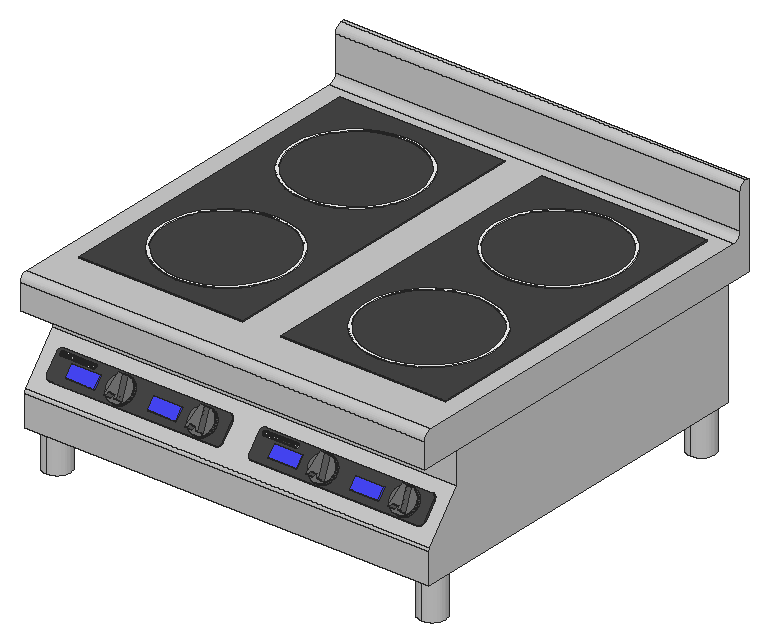
Revit family "QF_ADVENTYS_MO4I_16000_250902092710", category Specialty Equipment, Revit 2021
Family settings
  Round Connector Dimension = Use Diameter
  Part Type = Normal
  OmniClass Number = 23.40.40.14
  OmniClass Title = Food Service Equipment
  Work Plane-Based = No
  Always vertical = Yes
  Cut with Voids When Loaded = No
  Shared = No
  Room Calculation Point = No
Parameters (values of type "ADV1658")
  Weight in Pounds [instance] = 0
  Weight = 95.00 kg
  Warranty Start Date [instance] = ""
  Warranty Duration [instance] = ""
  Volts [instance] = 400 V
  URL Recommended Spares List = ""
  URL Manufacturer = ""
  URL Cutsheet = ""
  URL Critical Spares List = ""
  URL = "www.adventys.com"
  Tag Number [instance] = ""
  Status [instance] = ""
  Specification by User [instance] = ""
  Specification by Manufacturer [instance] = ""
  Sound Level [instance] = ""
  Solid Fuel Type [instance] = ""
  Service Life Duration [instance] = ""
  Serial Number [instance] = ""
  Seismic Rating [instance] = ""
  SMACNA No [instance] = ""
  Revision Code [instance] = ""
  Revision [instance] = ""
  Production Year [instance] = ""
  Point Load [instance] = 0
  Phase [instance] = 3
  Other Equipment Approvals [instance] = ""
  Number of Poles [instance] = 3
  NAFEM Spec ID Number [instance] = ""
  Model Warning [instance] = ""
  Model = "MO4I 16000"
  Min Ckt Ampacity [instance] = 0 A
  Max Overcurrent Protection [instance] = 25 A
  Masterspec [instance] = ""
  Manufacturer = "ADVENTYS"
  Length Actual = 800 mm
  Item Number [instance] = ""
  Installed By [instance] = ""
  Installation Date [instance] = ""
  Identify Quantity as Lot [instance] = no
  ID [instance] = ""
  Hygiene Approval [instance] = ""
  Hot Water Consumption = 0.0 L/s
  Height Actual = 455 mm
  HP power [instance] = ""
  Furnished By [instance] = ""
  Foodservice Equipment Identifier [instance] = no
  FL Amps [instance] = 24 A
  Electrical Remarks [instance] = ""
  Electric power [instance] = 0 W
  Electric Connection Type [instance] = ""
  Elec Conn RI Height [instance] = 0 mm
  Elec Conn Connection Height [instance] = 0 mm
  ETL Approved [instance] = no
  Description = "INDUCTION MODULE 4 ZONES THREE-PHASE"
  Depth Actual = 800 mm
  Default Elevation = 0 mm
  Cycle [instance] = 50 Hz
  Cost = 0
  Conn Plug [instance] = ""
  Conn Conduit [instance] = no
  CSI MasterFormat [instance] = ""
  CE Approved [instance] = no
  Barcode [instance] = 0
  Author [instance] = ""
  Asset Identifier [instance] = ""
  Apparent Power [instance] = 16000 VA
  Accessory = no
Reference planes
  plane 1 "Center (Front/Back)": y = 0
  plane 2: z = 0
  plane 3 "Center (Left/Right)": x = 0
Forms (mm)
  Extrusion 1, solid, not visible
    sketch origin (111.005, -39.002, 227.011) x (1, 0, 0) y (0, 1, 0)
      loop
        line (-2, 2) -> (-2, -2) -> (2, -2) -> (2, 2) -> (-2, 2)
    from -2 to 2
Dimensions and locks
  locked: Extrusion 1 to nested 2
  locked: nested 2 to Extrusion 1 at 2
  aligned and locked: level to plane 2
Nested families
  nested 1: "QF_ADVENTYS_ADV1658_2916" at (0, 0, 0), type "ADV1658"
    with Status "", Show Logo yes
  nested 2: "CONN_POINT_ELE_2D___Generic_Annotation" at (111.005, -37.002, 227.011), type "CONN_POINT_ELE_2D___Generic_Annotation"
    with Onboard connection annotation symbol visibility yes
Connectors
  electrical at (111.005, -37.002, 227.011), driven by "Apparent Power", driven by "Number of Poles", driven by "Volts"
    settings: on Extrusion 1, index 1, voltage 400 V, apparent load 0 VA, apparent load phase1 16000 VA, apparent load phase2 0 VA, apparent load phase3 0 VA, power factor 1, load classification "Other", number of poles 3, system type 31, power factor state 1, is connector primary yes, connector utility no, sub classification motor no, connector description "Electrical connection for MO4I 16000"
Definition of nested family "QF_ADVENTYS_ADV1658_2916"
  Parameters (values of type "ADV1658")
    URL = "www.adventys.com"
    Status [instance] = ""
    Show Logo [instance] = yes
    Model = "MO4I 16000"
    Manufacturer = "ADVENTYS"
    Description = "INDUCTION MODULE 4 ZONES THREE-PHASE"
    Default Elevation = 0 mm
    Author = "SPECIFI"
    Assembly Code = "E1090320"
  Reference planes
    plane 1 "Back": y = 0
    plane 2: z = 0
    plane 3 "Left": x = 0
    plane 4 "Right": x = 800
    plane 5 "Front": y = -800
    plane 6 "Top": z = 455
  Forms (mm)
    Extrusion 1, solid
      sketch origin (0, 0, 0) x (0, 1, 0) y (0, 0, 1)
        loop
          line (-790, 80) -> (-50, 80) -> (-50, 290.8) -> (-720, 290.8) -> (-720, 227.161) -> (-787.017, 147.294)
          arc (-787.017, 147.294) -> (-789.078, 143.88) -> (-790, 140) r 12.92
          line (-790, 140) -> (-790, 80)
      from 0 to 800
    Extrusion 2, solid
      sketch origin (0, 0, 0) x (0, 1, 0) y (0, 0, 1)
        loop
          line (0, 290.8) -> (0, 455) -> (-5, 455)
          arc (-5, 455) -> (-15.607, 450.607) -> (-20, 440) r 15
          line (-20, 440) -> (-20, 370.8)
          arc (-20, 370.8) -> (-24.393, 360.193) -> (-35, 355.8) r 15
          line (-35, 355.8) -> (-785, 355.8)
          arc (-785, 355.8) -> (-795.607, 351.407) -> (-800, 340.8) r 15
          line (-800, 340.8) -> (-800, 290.8) -> (0, 290.8)
      from 0 to 800
    Extrusion 3, solid
      sketch origin (37, -56.5, 0) x (1, 0, 0) y (0, 1, 0)
        loop
          line (0, 0) -> (0, -646) -> (326, -646) -> (326, 0) -> (0, 0)
      from 355.8 to 357.613
    Extrusion 4, solid
      sketch origin (0, 0, 0) x (1, 0, 0) y (0, 1, 0)
        loop
          circle (200, -220) r 125
        loop
          circle (200, -220) r 120
        loop
          circle (200, -540.027) r 125
        loop
          circle (200, -540.027) r 120
      from 357.613 to 358.673
    Revolve 5, solid
      sketch origin (29, 0, 0) x (0, 1, 0) y (0, 0, 1)
        loop
          line (-719, 0) -> (-719, 80) -> (-745, 80) -> (-745, 0) -> (-719, 0)
        axis (-745, 80) -> (-745, 0)
      angle from 0 to 360
    Revolve 6, solid
      sketch origin (29, 665, 0) x (0, 1, 0) y (0, 0, 1)
        loop
          line (-719, 0) -> (-719, 80) -> (-745, 80) -> (-745, 0) -> (-719, 0)
        axis (-745, 80) -> (-745, 0)
      angle from 0 to 360
    Revolve 7, solid
      sketch origin (771, 0, 0) x (0, 1, 0) y (0, 0, 1)
        loop
          line (-719, 0) -> (-719, 80) -> (-745, 80) -> (-745, 0) -> (-719, 0)
        axis (-745, 80) -> (-745, 0)
      angle from 0 to 360
    Revolve 8, solid
      sketch origin (771, 665, 0) x (0, 1, 0) y (0, 0, 1)
        loop
          line (-719, 0) -> (-719, 80) -> (-745, 80) -> (-745, 0) -> (-719, 0)
        axis (-745, 80) -> (-745, 0)
      angle from 0 to 360
    Extrusion 9, solid
      sketch origin (0, 0, 0) x (1, 0, 0) y (0, 0, 1)
        loop
          line (173, 264) -> (47, 264) -> (47, 170) -> (173, 170) -> (173, 264)
      from 47.858 to 50
    Extrusion 10, solid
      sketch origin (0, 0, 0) x (1, 0, 0) y (0, 0, 1)
        loop
          circle (110.78, 227.161) r 15
      from 36.426 to 47.858
    Extrusion 11, solid
      sketch origin (437, -56.5, 0) x (1, 0, 0) y (0, 1, 0)
        loop
          line (0, 0) -> (0, -646) -> (326, -646) -> (326, 0) -> (0, 0)
      from 355.8 to 357.613
    Extrusion 12, solid
      sketch origin (400, 0, 0) x (1, 0, 0) y (0, 1, 0)
        loop
          circle (200, -220) r 125
        loop
          circle (200, -220) r 120
        loop
          circle (200, -540.027) r 125
        loop
          circle (200, -540.027) r 120
      from 357.613 to 358.673
    Extrusion 13, solid
      sketch origin (525, -718.509, 228.939) x (0, -0.642788, -0.766044) y (1, 0, 0)
        loop
          arc (26.45, -488.6) -> (29.379, -495.671) -> (36.45, -498.6) r 10
          line (36.45, -498.6) -> (72.45, -498.6)
          arc (72.45, -498.6) -> (79.521, -495.671) -> (82.45, -488.6) r 10
          line (82.45, -488.6) -> (82.45, -161.4)
          arc (82.45, -161.4) -> (79.521, -154.329) -> (72.45, -151.4) r 10
          line (72.45, -151.4) -> (36.45, -151.4)
          arc (36.45, -151.4) -> (29.379, -154.329) -> (26.45, -161.4) r 10
          line (26.45, -161.4) -> (26.45, -488.6)
      from 0 to 1.881
    Extrusion 14, solid
      sketch origin (517.5, -718.509, 228.939) x (0, -0.642788, -0.766044) y (1, 0, 0)
        loop
          line (44.95, -293.6) -> (68.95, -293.6) -> (68.95, -237.6) -> (44.95, -237.6) -> (44.95, -293.6)
      from 1.881 to 3.679
    Extrusion 15, solid
      sketch origin (526.25, -718.509, 228.939) x (0, -0.642788, -0.766044) y (1, 0, 0)
        loop
          line (77.193, -371.481) -> (78.52, -367.858) -> (79.283, -363.991) -> (79.427, -360.015) -> (78.941, -356.081) -> (77.862, -352.331) -> (76.265, -348.888) -> (74.254, -345.841) -> (71.944, -343.24) -> (69.45, -341.1) -> (66.873, -339.405) -> (64.297, -338.121) -> (61.785, -337.2) -> (59.381, -336.591) -> (56.817, -336.212) -> (54.45, -336.1) -> (52.084, -336.212) -> (49.52, -336.591) -> (47.116, -337.2) -> (44.604, -338.121) -> (42.027, -339.405) -> (39.45, -341.1) -> (36.956, -343.24) -> (34.647, -345.841) -> (32.636, -348.888) -> (31.039, -352.331) -> (29.959, -356.081) -> (29.474, -360.015) -> (29.618, -363.991) -> (30.381, -367.858) -> (31.708, -371.481) -> (33.507, -374.752) -> (35.926, -377.889) -> (38.945, -380.711) -> (42.475, -383.045) -> (46.365, -384.756) -> (50.423, -385.773) -> (54.45, -386.1) -> (58.478, -385.773) -> (62.536, -384.756) -> (66.426, -383.045) -> (69.956, -380.711) -> (72.974, -377.889) -> (75.393, -374.752) -> (77.193, -371.481)
      from 1.881 to 10
    Extrusion 16, solid
      sketch origin (526.25, -718.509, 228.939) x (0, -0.642788, -0.766044) y (1, 0, 0)
        loop
          line (72.45, -353.1) -> (72.45, -348.1) -> (31.45, -357.1) -> (31.45, -365.1) -> (72.45, -374.1) -> (72.45, -369.1) -> (66.45, -367.1) -> (66.45, -355.1) -> (72.45, -353.1)
      from 10 to 25.009
    Extrusion 17, solid, visible <- "Show Logo"
      sketch origin (-49.765, -334.636, 414.341) x (1, 0, 0) y (0, 0.642788, 0.766044)
        loop
          arc (88.581, -421.313) -> (88.113, -421.507) -> (87.92, -421.974) r 0.661
          line (87.92, -421.974) -> (87.92, -423.61)
          arc (87.92, -423.61) -> (88.124, -424.087) -> (88.609, -424.27) r 0.661
          line (88.609, -424.27) -> (88.609, -423.032)
          arc (88.609, -423.032) -> (88.952, -422.351) -> (89.662, -422.077) r 1.058
          line (89.662, -422.077) -> (92.486, -422.077)
          arc (92.486, -422.077) -> (92.335, -421.544) -> (91.833, -421.313) r 0.661
          line (91.833, -421.313) -> (88.581, -421.313)
        loop
          arc (88.581, -420.916) -> (87.833, -421.226) -> (87.523, -421.974) r 1.058
          line (87.523, -421.974) -> (87.523, -423.61)
          arc (87.523, -423.61) -> (87.843, -424.368) -> (88.609, -424.667) r 1.058
          arc (88.609, -424.667) -> (88.88, -425.483) -> (89.667, -425.828) r 1.058
          arc (89.667, -425.828) -> (89.974, -426.583) -> (90.725, -426.896) r 1.058
          line (90.725, -426.896) -> (93.719, -426.896)
          arc (93.719, -426.896) -> (94.467, -426.586) -> (94.777, -425.838) r 1.058
          line (94.777, -425.838) -> (94.777, -424.306)
          arc (94.777, -424.306) -> (94.463, -423.554) -> (93.708, -423.248) r 1.058
          arc (93.708, -423.248) -> (93.515, -422.517) -> (92.883, -422.101) r 1.058
          arc (92.883, -422.101) -> (92.625, -421.273) -> (91.833, -420.916) r 1.058
          line (91.833, -420.916) -> (88.581, -420.916)
        loop
          arc (93.719, -426.499) -> (94.187, -426.306) -> (94.38, -425.838) r 0.661
          line (94.38, -425.838) -> (94.38, -424.306)
          arc (94.38, -424.306) -> (94.185, -423.837) -> (93.714, -423.645) r 0.661
          line (93.714, -423.645) -> (93.714, -424.77)
          arc (93.714, -424.77) -> (93.404, -425.518) -> (92.656, -425.828) r 1.058
          line (92.656, -425.828) -> (90.064, -425.828)
          arc (90.064, -425.828) -> (90.254, -426.302) -> (90.725, -426.499) r 0.661
          line (90.725, -426.499) -> (93.719, -426.499)
        loop
          arc (95.546, -425.156) -> (95.587, -425.684) -> (96.116, -425.67) r 0.384
          line (96.116, -425.67) -> (96.845, -424.94) -> (99.743, -424.94) -> (100.472, -425.67)
          arc (100.472, -425.67) -> (101.001, -425.684) -> (101.042, -425.156) r 0.384
          line (101.042, -425.156) -> (98.294, -421.762) -> (95.546, -425.156)
        loop
          line (98.294, -423.127) -> (97.364, -424.275) -> (99.224, -424.275) -> (98.294, -423.127)
        loop
          line (102.315, -421.827) -> (102.315, -425.732) -> (105.995, -425.732)
          arc (105.995, -425.732) -> (107.947, -423.78) -> (105.995, -421.827) r 1.953
          line (105.995, -421.827) -> (102.315, -421.827)
        loop
          line (105.995, -422.854) -> (103.343, -422.854) -> (103.343, -424.705) -> (105.995, -424.705)
          arc (105.995, -424.705) -> (106.92, -423.78) -> (105.995, -422.854) r 0.925
        loop
          arc (109.84, -422.053) -> (109.312, -422.039) -> (109.27, -422.566) r 0.384
          line (109.27, -422.566) -> (112.019, -425.961) -> (114.767, -422.566)
          arc (114.767, -422.566) -> (114.725, -422.039) -> (114.197, -422.053) r 0.384
          line (114.197, -422.053) -> (112.019, -424.743) -> (109.84, -422.053)
        loop
          line (121.269, -421.781) -> (116.07, -421.781) -> (116.07, -425.732) -> (121.269, -425.732)
          arc (121.269, -425.732) -> (121.671, -425.331) -> (121.269, -424.93) r 0.401
          line (121.269, -424.93) -> (116.972, -424.93) -> (116.972, -424.139) -> (121.269, -424.139)
          arc (121.269, -424.139) -> (121.633, -423.775) -> (121.269, -423.412) r 0.363
          line (121.269, -423.412) -> (116.972, -423.412) -> (116.972, -422.583) -> (121.269, -422.583)
          arc (121.269, -422.583) -> (121.671, -422.182) -> (121.269, -421.781) r 0.401
        loop
          line (122.879, -422.331) -> (122.879, -425.274)
          arc (122.879, -425.274) -> (123.306, -425.701) -> (123.733, -425.274) r 0.427
          line (123.733, -425.274) -> (123.733, -423.122) -> (127.538, -425.5)
          arc (127.538, -425.5) -> (128.155, -425.516) -> (128.468, -424.984) r 0.608
          line (128.468, -424.984) -> (128.468, -422.254)
          arc (128.468, -422.254) -> (128.018, -421.804) -> (127.568, -422.254) r 0.45
          line (127.568, -422.254) -> (127.568, -424.337) -> (123.663, -421.897)
          arc (123.663, -421.897) -> (123.143, -421.883) -> (122.879, -422.331) r 0.513
        loop
          arc (130.273, -421.857) -> (129.778, -422.352) -> (130.273, -422.846) r 0.494
          line (130.273, -422.846) -> (132.065, -422.846) -> (132.065, -425.082)
          arc (132.065, -425.082) -> (132.54, -425.558) -> (133.016, -425.082) r 0.475
          line (133.016, -425.082) -> (133.016, -422.846) -> (134.724, -422.846)
          arc (134.724, -422.846) -> (135.218, -422.352) -> (134.724, -421.857) r 0.494
          line (134.724, -421.857) -> (130.273, -421.857)
        loop
          line (139.461, -423.175) -> (137.5, -421.853)
          arc (137.5, -421.853) -> (136.836, -421.982) -> (136.965, -422.646) r 0.479
          line (136.965, -422.646) -> (138.926, -423.969) -> (138.926, -425.108)
          arc (138.926, -425.108) -> (139.461, -425.643) -> (139.997, -425.108) r 0.535
          line (139.997, -425.108) -> (139.997, -423.969) -> (141.958, -422.646)
          arc (141.958, -422.646) -> (142.087, -421.982) -> (141.423, -421.853) r 0.479
          line (141.423, -421.853) -> (139.461, -423.175)
        loop
          line (148.501, -421.857) -> (144.795, -421.857)
          arc (144.795, -421.857) -> (143.661, -422.991) -> (144.795, -424.125) r 1.134
          line (144.795, -424.125) -> (147.852, -424.125)
          arc (147.852, -424.125) -> (148.265, -424.538) -> (147.852, -424.951) r 0.413
          line (147.852, -424.951) -> (144.128, -424.951)
          arc (144.128, -424.951) -> (143.786, -425.292) -> (144.128, -425.634) r 0.342
          line (144.128, -425.634) -> (148.218, -425.634)
          arc (148.218, -425.634) -> (148.994, -424.394) -> (147.885, -423.44) r 1.122
          line (147.885, -423.44) -> (144.736, -423.44)
          arc (144.736, -423.44) -> (144.286, -422.99) -> (144.736, -422.541) r 0.45
          line (144.736, -422.541) -> (148.501, -422.541)
          arc (148.501, -422.541) -> (148.843, -422.199) -> (148.501, -421.857) r 0.342
        loop
          arc (87.442, -420.162) -> (83.674, -423.931) -> (87.442, -427.699) r 3.769
          line (87.442, -427.699) -> (150.103, -427.699)
          arc (150.103, -427.699) -> (153.872, -423.931) -> (150.103, -420.162) r 3.769
          line (150.103, -420.162) -> (87.442, -420.162)
        loop
          arc (87.442, -419.771) -> (83.283, -423.931) -> (87.442, -428.091) r 4.16
          line (87.442, -428.091) -> (150.103, -428.091)
          arc (150.103, -428.091) -> (154.263, -423.931) -> (150.103, -419.771) r 4.16
          line (150.103, -419.771) -> (87.442, -419.771)
      from 176.77 to 176.97
    Extrusion 18, solid
      sketch origin (687.5, -718.509, 228.939) x (0, -0.642788, -0.766044) y (1, 0, 0)
        loop
          line (77.193, -371.481) -> (78.52, -367.858) -> (79.283, -363.991) -> (79.427, -360.015) -> (78.941, -356.081) -> (77.862, -352.331) -> (76.265, -348.888) -> (74.254, -345.841) -> (71.944, -343.24) -> (69.45, -341.1) -> (66.873, -339.405) -> (64.297, -338.121) -> (61.785, -337.2) -> (59.381, -336.591) -> (56.817, -336.212) -> (54.45, -336.1) -> (52.084, -336.212) -> (49.52, -336.591) -> (47.116, -337.2) -> (44.604, -338.121) -> (42.027, -339.405) -> (39.45, -341.1) -> (36.956, -343.24) -> (34.647, -345.841) -> (32.636, -348.888) -> (31.039, -352.331) -> (29.959, -356.081) -> (29.474, -360.015) -> (29.618, -363.991) -> (30.381, -367.858) -> (31.708, -371.481) -> (33.507, -374.752) -> (35.926, -377.889) -> (38.945, -380.711) -> (42.475, -383.045) -> (46.365, -384.756) -> (50.423, -385.773) -> (54.45, -386.1) -> (58.478, -385.773) -> (62.536, -384.756) -> (66.426, -383.045) -> (69.956, -380.711) -> (72.974, -377.889) -> (75.393, -374.752) -> (77.193, -371.481)
      from 1.881 to 10
    Extrusion 19, solid
      sketch origin (687.5, -718.509, 228.939) x (0, -0.642788, -0.766044) y (1, 0, 0)
        loop
          line (72.45, -353.1) -> (72.45, -348.1) -> (31.45, -357.1) -> (31.45, -365.1) -> (72.45, -374.1) -> (72.45, -369.1) -> (66.45, -367.1) -> (66.45, -355.1) -> (72.45, -353.1)
      from 10 to 25.009
    Extrusion 20, solid
      sketch origin (356.25, -718.509, 228.939) x (0, -0.642788, -0.766044) y (1, 0, 0)
        loop
          line (44.95, -293.6) -> (68.95, -293.6) -> (68.95, -237.6) -> (44.95, -237.6) -> (44.95, -293.6)
      from 1.881 to 3.679
    Extrusion 21, solid
      sketch origin (925, -718.509, 228.939) x (0, -0.642788, -0.766044) y (1, 0, 0)
        loop
          arc (26.45, -488.6) -> (29.379, -495.671) -> (36.45, -498.6) r 10
          line (36.45, -498.6) -> (72.45, -498.6)
          arc (72.45, -498.6) -> (79.521, -495.671) -> (82.45, -488.6) r 10
          line (82.45, -488.6) -> (82.45, -161.4)
          arc (82.45, -161.4) -> (79.521, -154.329) -> (72.45, -151.4) r 10
          line (72.45, -151.4) -> (36.45, -151.4)
          arc (36.45, -151.4) -> (29.379, -154.329) -> (26.45, -161.4) r 10
          line (26.45, -161.4) -> (26.45, -488.6)
      from 0 to 1.881
    Extrusion 22, solid
      sketch origin (917.5, -718.509, 228.939) x (0, -0.642788, -0.766044) y (1, 0, 0)
        loop
          line (44.95, -293.6) -> (68.95, -293.6) -> (68.95, -237.6) -> (44.95, -237.6) -> (44.95, -293.6)
      from 1.881 to 3.679
    Extrusion 23, solid
      sketch origin (926.25, -718.509, 228.939) x (0, -0.642788, -0.766044) y (1, 0, 0)
        loop
          line (77.193, -371.481) -> (78.52, -367.858) -> (79.283, -363.991) -> (79.427, -360.015) -> (78.941, -356.081) -> (77.862, -352.331) -> (76.265, -348.888) -> (74.254, -345.841) -> (71.944, -343.24) -> (69.45, -341.1) -> (66.873, -339.405) -> (64.297, -338.121) -> (61.785, -337.2) -> (59.381, -336.591) -> (56.817, -336.212) -> (54.45, -336.1) -> (52.084, -336.212) -> (49.52, -336.591) -> (47.116, -337.2) -> (44.604, -338.121) -> (42.027, -339.405) -> (39.45, -341.1) -> (36.956, -343.24) -> (34.647, -345.841) -> (32.636, -348.888) -> (31.039, -352.331) -> (29.959, -356.081) -> (29.474, -360.015) -> (29.618, -363.991) -> (30.381, -367.858) -> (31.708, -371.481) -> (33.507, -374.752) -> (35.926, -377.889) -> (38.945, -380.711) -> (42.475, -383.045) -> (46.365, -384.756) -> (50.423, -385.773) -> (54.45, -386.1) -> (58.478, -385.773) -> (62.536, -384.756) -> (66.426, -383.045) -> (69.956, -380.711) -> (72.974, -377.889) -> (75.393, -374.752) -> (77.193, -371.481)
      from 1.881 to 10
    Extrusion 24, solid
      sketch origin (926.25, -718.509, 228.939) x (0, -0.642788, -0.766044) y (1, 0, 0)
        loop
          line (72.45, -353.1) -> (72.45, -348.1) -> (31.45, -357.1) -> (31.45, -365.1) -> (72.45, -374.1) -> (72.45, -369.1) -> (66.45, -367.1) -> (66.45, -355.1) -> (72.45, -353.1)
      from 10 to 25.009
    Extrusion 25, solid, visible <- "Show Logo"
      sketch origin (350.235, -334.636, 414.341) x (1, 0, 0) y (0, 0.642788, 0.766044)
        loop
          arc (88.581, -421.313) -> (88.113, -421.507) -> (87.92, -421.974) r 0.661
          line (87.92, -421.974) -> (87.92, -423.61)
          arc (87.92, -423.61) -> (88.124, -424.087) -> (88.609, -424.27) r 0.661
          line (88.609, -424.27) -> (88.609, -423.032)
          arc (88.609, -423.032) -> (88.952, -422.351) -> (89.662, -422.077) r 1.058
          line (89.662, -422.077) -> (92.486, -422.077)
          arc (92.486, -422.077) -> (92.335, -421.544) -> (91.833, -421.313) r 0.661
          line (91.833, -421.313) -> (88.581, -421.313)
        loop
          arc (88.581, -420.916) -> (87.833, -421.226) -> (87.523, -421.974) r 1.058
          line (87.523, -421.974) -> (87.523, -423.61)
          arc (87.523, -423.61) -> (87.843, -424.368) -> (88.609, -424.667) r 1.058
          arc (88.609, -424.667) -> (88.88, -425.483) -> (89.667, -425.828) r 1.058
          arc (89.667, -425.828) -> (89.974, -426.583) -> (90.725, -426.896) r 1.058
          line (90.725, -426.896) -> (93.719, -426.896)
          arc (93.719, -426.896) -> (94.467, -426.586) -> (94.777, -425.838) r 1.058
          line (94.777, -425.838) -> (94.777, -424.306)
          arc (94.777, -424.306) -> (94.463, -423.554) -> (93.708, -423.248) r 1.058
          arc (93.708, -423.248) -> (93.515, -422.517) -> (92.883, -422.101) r 1.058
          arc (92.883, -422.101) -> (92.625, -421.273) -> (91.833, -420.916) r 1.058
          line (91.833, -420.916) -> (88.581, -420.916)
        loop
          arc (93.719, -426.499) -> (94.187, -426.306) -> (94.38, -425.838) r 0.661
          line (94.38, -425.838) -> (94.38, -424.306)
          arc (94.38, -424.306) -> (94.185, -423.837) -> (93.714, -423.645) r 0.661
          line (93.714, -423.645) -> (93.714, -424.77)
          arc (93.714, -424.77) -> (93.404, -425.518) -> (92.656, -425.828) r 1.058
          line (92.656, -425.828) -> (90.064, -425.828)
          arc (90.064, -425.828) -> (90.254, -426.302) -> (90.725, -426.499) r 0.661
          line (90.725, -426.499) -> (93.719, -426.499)
        loop
          arc (95.546, -425.156) -> (95.587, -425.684) -> (96.116, -425.67) r 0.384
          line (96.116, -425.67) -> (96.845, -424.94) -> (99.743, -424.94) -> (100.472, -425.67)
          arc (100.472, -425.67) -> (101.001, -425.684) -> (101.042, -425.156) r 0.384
          line (101.042, -425.156) -> (98.294, -421.762) -> (95.546, -425.156)
        loop
          line (98.294, -423.127) -> (97.364, -424.275) -> (99.224, -424.275) -> (98.294, -423.127)
        loop
          line (102.315, -421.827) -> (102.315, -425.732) -> (105.995, -425.732)
          arc (105.995, -425.732) -> (107.947, -423.78) -> (105.995, -421.827) r 1.953
          line (105.995, -421.827) -> (102.315, -421.827)
        loop
          line (105.995, -422.854) -> (103.343, -422.854) -> (103.343, -424.705) -> (105.995, -424.705)
          arc (105.995, -424.705) -> (106.92, -423.78) -> (105.995, -422.854) r 0.925
        loop
          arc (109.84, -422.053) -> (109.312, -422.039) -> (109.27, -422.566) r 0.384
          line (109.27, -422.566) -> (112.019, -425.961) -> (114.767, -422.566)
          arc (114.767, -422.566) -> (114.725, -422.039) -> (114.197, -422.053) r 0.384
          line (114.197, -422.053) -> (112.019, -424.743) -> (109.84, -422.053)
        loop
          line (121.269, -421.781) -> (116.07, -421.781) -> (116.07, -425.732) -> (121.269, -425.732)
          arc (121.269, -425.732) -> (121.671, -425.331) -> (121.269, -424.93) r 0.401
          line (121.269, -424.93) -> (116.972, -424.93) -> (116.972, -424.139) -> (121.269, -424.139)
          arc (121.269, -424.139) -> (121.633, -423.775) -> (121.269, -423.412) r 0.363
          line (121.269, -423.412) -> (116.972, -423.412) -> (116.972, -422.583) -> (121.269, -422.583)
          arc (121.269, -422.583) -> (121.671, -422.182) -> (121.269, -421.781) r 0.401
        loop
          line (122.879, -422.331) -> (122.879, -425.274)
          arc (122.879, -425.274) -> (123.306, -425.701) -> (123.733, -425.274) r 0.427
          line (123.733, -425.274) -> (123.733, -423.122) -> (127.538, -425.5)
          arc (127.538, -425.5) -> (128.155, -425.516) -> (128.468, -424.984) r 0.608
          line (128.468, -424.984) -> (128.468, -422.254)
          arc (128.468, -422.254) -> (128.018, -421.804) -> (127.568, -422.254) r 0.45
          line (127.568, -422.254) -> (127.568, -424.337) -> (123.663, -421.897)
          arc (123.663, -421.897) -> (123.143, -421.883) -> (122.879, -422.331) r 0.513
        loop
          arc (130.273, -421.857) -> (129.778, -422.352) -> (130.273, -422.846) r 0.494
          line (130.273, -422.846) -> (132.065, -422.846) -> (132.065, -425.082)
          arc (132.065, -425.082) -> (132.54, -425.558) -> (133.016, -425.082) r 0.475
          line (133.016, -425.082) -> (133.016, -422.846) -> (134.724, -422.846)
          arc (134.724, -422.846) -> (135.218, -422.352) -> (134.724, -421.857) r 0.494
          line (134.724, -421.857) -> (130.273, -421.857)
        loop
          line (139.461, -423.175) -> (137.5, -421.853)
          arc (137.5, -421.853) -> (136.836, -421.982) -> (136.965, -422.646) r 0.479
          line (136.965, -422.646) -> (138.926, -423.969) -> (138.926, -425.108)
          arc (138.926, -425.108) -> (139.461, -425.643) -> (139.997, -425.108) r 0.535
          line (139.997, -425.108) -> (139.997, -423.969) -> (141.958, -422.646)
          arc (141.958, -422.646) -> (142.087, -421.982) -> (141.423, -421.853) r 0.479
          line (141.423, -421.853) -> (139.461, -423.175)
        loop
          line (148.501, -421.857) -> (144.795, -421.857)
          arc (144.795, -421.857) -> (143.661, -422.991) -> (144.795, -424.125) r 1.134
          line (144.795, -424.125) -> (147.852, -424.125)
          arc (147.852, -424.125) -> (148.265, -424.538) -> (147.852, -424.951) r 0.413
          line (147.852, -424.951) -> (144.128, -424.951)
          arc (144.128, -424.951) -> (143.786, -425.292) -> (144.128, -425.634) r 0.342
          line (144.128, -425.634) -> (148.218, -425.634)
          arc (148.218, -425.634) -> (148.994, -424.394) -> (147.885, -423.44) r 1.122
          line (147.885, -423.44) -> (144.736, -423.44)
          arc (144.736, -423.44) -> (144.286, -422.99) -> (144.736, -422.541) r 0.45
          line (144.736, -422.541) -> (148.501, -422.541)
          arc (148.501, -422.541) -> (148.843, -422.199) -> (148.501, -421.857) r 0.342
        loop
          arc (87.442, -420.162) -> (83.674, -423.931) -> (87.442, -427.699) r 3.769
          line (87.442, -427.699) -> (150.103, -427.699)
          arc (150.103, -427.699) -> (153.872, -423.931) -> (150.103, -420.162) r 3.769
          line (150.103, -420.162) -> (87.442, -420.162)
        loop
          arc (87.442, -419.771) -> (83.283, -423.931) -> (87.442, -428.091) r 4.16
          line (87.442, -428.091) -> (150.103, -428.091)
          arc (150.103, -428.091) -> (154.263, -423.931) -> (150.103, -419.771) r 4.16
          line (150.103, -419.771) -> (87.442, -419.771)
      from 176.77 to 176.97
    Extrusion 26, solid
      sketch origin (1087.5, -718.509, 228.939) x (0, -0.642788, -0.766044) y (1, 0, 0)
        loop
          line (77.193, -371.481) -> (78.52, -367.858) -> (79.283, -363.991) -> (79.427, -360.015) -> (78.941, -356.081) -> (77.862, -352.331) -> (76.265, -348.888) -> (74.254, -345.841) -> (71.944, -343.24) -> (69.45, -341.1) -> (66.873, -339.405) -> (64.297, -338.121) -> (61.785, -337.2) -> (59.381, -336.591) -> (56.817, -336.212) -> (54.45, -336.1) -> (52.084, -336.212) -> (49.52, -336.591) -> (47.116, -337.2) -> (44.604, -338.121) -> (42.027, -339.405) -> (39.45, -341.1) -> (36.956, -343.24) -> (34.647, -345.841) -> (32.636, -348.888) -> (31.039, -352.331) -> (29.959, -356.081) -> (29.474, -360.015) -> (29.618, -363.991) -> (30.381, -367.858) -> (31.708, -371.481) -> (33.507, -374.752) -> (35.926, -377.889) -> (38.945, -380.711) -> (42.475, -383.045) -> (46.365, -384.756) -> (50.423, -385.773) -> (54.45, -386.1) -> (58.478, -385.773) -> (62.536, -384.756) -> (66.426, -383.045) -> (69.956, -380.711) -> (72.974, -377.889) -> (75.393, -374.752) -> (77.193, -371.481)
      from 1.881 to 10
    Extrusion 27, solid
      sketch origin (1087.5, -718.509, 228.939) x (0, -0.642788, -0.766044) y (1, 0, 0)
        loop
          line (72.45, -353.1) -> (72.45, -348.1) -> (31.45, -357.1) -> (31.45, -365.1) -> (72.45, -374.1) -> (72.45, -369.1) -> (66.45, -367.1) -> (66.45, -355.1) -> (72.45, -353.1)
      from 10 to 25.009
    Extrusion 28, solid
      sketch origin (756.25, -718.509, 228.939) x (0, -0.642788, -0.766044) y (1, 0, 0)
        loop
          line (44.95, -293.6) -> (68.95, -293.6) -> (68.95, -237.6) -> (44.95, -237.6) -> (44.95, -293.6)
      from 1.881 to 3.679
  Lines and regions (mm)
    symbolic lines
      curve 1: line (0, 0, 0) -> (800, 0, 0)
      curve 2: line (0, -800, 0) -> (0, 0, 0)
      curve 3: line (800, -800, 0) -> (0, -800, 0)
      curve 4: line (800, 0, 0) -> (800, -800, 0)
      curve 5: line (37, -56.5, 0) -> (363, -56.5, 0)
      curve 6: line (37, -702.5, 0) -> (37, -56.5, 0)
      curve 7: line (363, -702.5, 0) -> (37, -702.5, 0)
      curve 8: line (363, -56.5, 0) -> (363, -702.5, 0)
      curve 9: line (437, -56.5, 0) -> (763, -56.5, 0)
      curve 10: line (437, -702.5, 0) -> (437, -56.5, 0)
      curve 11: line (763, -702.5, 0) -> (437, -702.5, 0)
      curve 12: line (763, -56.5, 0) -> (763, -702.5, 0)
      curve 13: arc (325, -220, 0) -> (200, -95, 0) -> (75, -220, 0) r 125
      curve 14: arc (75, -220, 0) -> (200, -345, 0) -> (325, -220, 0) r 125
      curve 15: arc (725, -220, 0) -> (600, -95, 0) -> (475, -220, 0) r 125
      curve 16: arc (475, -220, 0) -> (600, -345, 0) -> (725, -220, 0) r 125
      curve 17: arc (325, -540.027, 0) -> (200, -415.027, 0) -> (75, -540.027, 0) r 125
      curve 18: arc (75, -540.027, 0) -> (200, -665.027, 0) -> (325, -540.027, 0) r 125
      curve 19: arc (725, -540.027, 0) -> (600, -415.027, 0) -> (475, -540.027, 0) r 125
      curve 20: arc (475, -540.027, 0) -> (600, -665.027, 0) -> (725, -540.027, 0) r 125
      curve 21: line (0, -20, 0) -> (800, -20, 0)
  Dimensions and locks
    plane 3 "Left" to plane 4 "Right" = 800 mm
    plane 5 "Front" to plane 1 "Back" = 800 mm
    plane 6 "Top" to level = 455 mm
    aligned and locked: level to plane 2
Definition of nested family "CONN_POINT_ELE_2D___Generic_Annotation"
  Parameters (values of type "CONN_POINT_ELE_2D___Generic_Annotation")
    Onboard connection annotation symbol visibility [instance] = yes
  Reference planes
    plane 1: y = 0
    plane 2: x = 0
  Lines and regions (mm)
    detail lines, visible <- "Onboard connection annotation symbol visibility"
      curve 1: circle (0, 0, 0) r 0.5 normal (0, 0, 1)
      curve 2: line (-1, 0, 0) -> (1, 0, 0)
      curve 3: line (0, 1, 0) -> (0, -1, 0)
      curve 4: line (2.5, 1, 0) -> (1.25, 1, 0)
      curve 5: line (1.25, 1, 0) -> (1.25, -1, 0)
      curve 6: line (1.25, -1, 0) -> (2.5, -1, 0)
      curve 7: line (1.25, 0, 0) -> (2, 0, 0)
